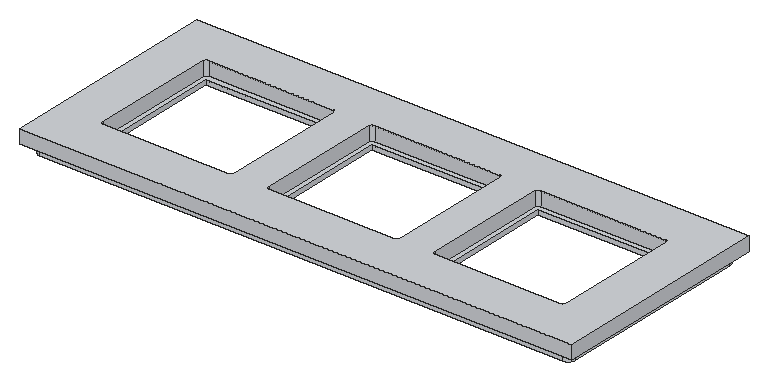
Revit family "Gira_021317", category Electrical Fixtures, host Face, Revit 2017
Family settings
  Host = Face
  Maintain Annotation Orientation = No
  Round Connector Dimension = Use Diameter
  Part Type = Normal
  Cut with Voids When Loaded = No
  Shared = No
  Room Calculation Point = No
Parameters (values of type "Abdeckrahmen 3f Gira Esprit Aluminium")
  Werkstoffgüte = "aluminium"
  Werkstoff = "Metall"
  URL = "http://katalog.gira.de/de_DE/datenblatt.html?artikelnr=021317"
  Transparent = "No"
  Textfeld/Beschriftungsfläche = "No"
  Schutzart (IP) = "IP20"
  Region = "DE"
  Oberfläche = "sonstige"
  Name = "Abdeckrahmen 3f Gira Esprit Aluminium"
  Montagerichtung = "horizontal und vertikal"
  Mit Montagerahmen = "No"
  Mit Klappdeckel = "No"
  Manufacturer URL = "https://www.gira.de/"
  Keynote = "Espr._Rahmen_3fach"
  HeinzeBIM = "https://bimportal.heinze.de/bim/abdeckrahmen-3f-gira-esprit-aluminium/c8b731d426c597ba8c661c395adfdb1d194dca49"
  Halogenfrei = "No"
  HAN = "021317"
  Geeignet für Unterputz-Installation = "Yes"
  Geeignet für Unterflurkanaldose = "No"
  Geeignet für Geräteeinbaukanal = "No"
  Geeignet für Einbauinstallation = "No"
  GTIN = "4010337213178"
  Farbe = "aluminium"
  Default Elevation = 1219.2 mm
  Data sheet (1) = "https://katalog.gira.de/de_DE/download.html?artikelnr=021317"
  Category = "Abdeckrahmen"
  Befestigungsart = "Klemmbefestigung"
  Available = "Yes"
  Anzahl der Einheiten vertikal = "3 "
  Anzahl der Einheiten horizontal = "3 "
  Anzahl der Einheiten = "3 "
Reference planes
  plane 1 "Center (Front/Back)": y = 0
  plane 2: z = 0
  plane 3 "Center (Left/Right)": x = 0
Forms (mm)
  Extrusion 1, solid, detail levels fine
    sketch origin (0, 0, 0) x (1, 0, 0) y (0, 1, 0)
      loop
        line (-118.4, 47.5) -> (-118.4, -47.5) -> (118.4, -47.5) -> (118.4, 47.5) -> (-118.4, 47.5)
      loop
        arc (-99.5, -26.7) -> (-99.061, -27.761) -> (-98, -28.2) r 1.5
        line (-98, -28.2) -> (-44.6, -28.2)
        arc (-44.6, -28.2) -> (-43.539, -27.761) -> (-43.1, -26.7) r 1.5
        line (-43.1, -26.7) -> (-43.1, 26.7)
        arc (-43.1, 26.7) -> (-43.539, 27.761) -> (-44.6, 28.2) r 1.5
        line (-44.6, 28.2) -> (-98, 28.2)
        arc (-98, 28.2) -> (-99.061, 27.761) -> (-99.5, 26.7) r 1.5
        line (-99.5, 26.7) -> (-99.5, -26.7)
      loop
        arc (-28.2, -26.7) -> (-27.761, -27.761) -> (-26.7, -28.2) r 1.5
        line (-26.7, -28.2) -> (26.7, -28.2)
        arc (26.7, -28.2) -> (27.761, -27.761) -> (28.2, -26.7) r 1.5
        line (28.2, -26.7) -> (28.2, 26.7)
        arc (28.2, 26.7) -> (27.761, 27.761) -> (26.7, 28.2) r 1.5
        line (26.7, 28.2) -> (-26.7, 28.2)
        arc (-26.7, 28.2) -> (-27.761, 27.761) -> (-28.2, 26.7) r 1.5
        line (-28.2, 26.7) -> (-28.2, -26.7)
      loop
        arc (43.1, -26.7) -> (43.539, -27.761) -> (44.6, -28.2) r 1.5
        line (44.6, -28.2) -> (98, -28.2)
        arc (98, -28.2) -> (99.061, -27.761) -> (99.5, -26.7) r 1.5
        line (99.5, -26.7) -> (99.5, 26.7)
        arc (99.5, 26.7) -> (99.061, 27.761) -> (98, 28.2) r 1.5
        line (98, 28.2) -> (44.6, 28.2)
        arc (44.6, 28.2) -> (43.539, 27.761) -> (43.1, 26.7) r 1.5
        line (43.1, 26.7) -> (43.1, -26.7)
    from 0 to 6
  Extrusion 2, solid, detail levels fine
    sketch origin (0, 0, 0) x (1, 0, 0) y (0, 1, 0)
      loop
        line (-97.2, -25.7) -> (-45.4, -25.7) -> (-45.4, 25.7) -> (-97.2, 25.7) -> (-97.2, -25.7)
      loop
        line (97.2, 25.7) -> (45.4, 25.7) -> (45.4, -25.7) -> (97.2, -25.7) -> (97.2, 25.7)
      loop
        arc (-114.002, -41.3) -> (-113.474, -42.573) -> (-112.202, -43.1) r 1.8
        line (-112.202, -43.1) -> (112.202, -43.1)
        arc (112.202, -43.1) -> (113.474, -42.573) -> (114.002, -41.3) r 1.8
        line (114.002, -41.3) -> (114.002, 41.3)
        arc (114.002, 41.3) -> (113.474, 42.573) -> (112.202, 43.1) r 1.8
        line (112.202, 43.1) -> (-112.202, 43.1)
        arc (-112.202, 43.1) -> (-113.474, 42.573) -> (-114.002, 41.3) r 1.8
        line (-114.002, 41.3) -> (-114.002, -41.3)
      loop
        line (25.9, 25.7) -> (-25.9, 25.7) -> (-25.9, -25.7) -> (25.9, -25.7) -> (25.9, 25.7)
    from -1.9 to 0
  Extrusion 3, solid, detail levels fine
    sketch origin (0, 0, 0) x (1, 0, 0) y (0, 1, 0)
      loop
        arc (-112.3, 44.4) -> (-114.421, 43.521) -> (-115.3, 41.4) r 3
        line (-115.3, 41.4) -> (-115.3, -41.4)
        arc (-115.3, -41.4) -> (-114.421, -43.521) -> (-112.3, -44.4) r 3
        line (-112.3, -44.4) -> (112.3, -44.4)
        arc (112.3, -44.4) -> (114.421, -43.521) -> (115.3, -41.4) r 3
        line (115.3, -41.4) -> (115.3, 41.4)
        arc (115.3, 41.4) -> (114.421, 43.521) -> (112.3, 44.4) r 3
        line (112.3, 44.4) -> (-112.3, 44.4)
      loop
        arc (-114.1, -41.4) -> (-113.573, -42.673) -> (-112.3, -43.2) r 1.8
        line (-112.3, -43.2) -> (112.3, -43.2)
        arc (112.3, -43.2) -> (113.573, -42.673) -> (114.1, -41.4) r 1.8
        line (114.1, -41.4) -> (114.1, 41.4)
        arc (114.1, 41.4) -> (113.573, 42.673) -> (112.3, 43.2) r 1.8
        line (112.3, 43.2) -> (-112.3, 43.2)
        arc (-112.3, 43.2) -> (-113.573, 42.673) -> (-114.1, 41.4) r 1.8
        line (-114.1, 41.4) -> (-114.1, -41.4)
    from -3.7 to 0
  Extrusion 4, solid, detail levels medium
    sketch origin (0, 0, 0) x (1, 0, 0) y (0, 1, 0)
      loop
        line (-118.4, 47.5) -> (-118.4, -47.5) -> (118.4, -47.5) -> (118.4, 47.5) -> (-118.4, 47.5)
    from 0 to 6
  Extrusion 5, solid, detail levels medium
    sketch origin (0, 0, 0) x (1, 0, 0) y (0, 1, 0)
      loop
        line (-115.3, 44.4) -> (-115.3, -44.4) -> (115.3, -44.4) -> (115.3, 44.4) -> (-115.3, 44.4)
    from -3.7 to 0
  Extrusion 6, solid, detail levels coarse
    sketch origin (0, 0, 0) x (1, 0, 0) y (0, 1, 0)
      loop
        line (-118.4, 47.5) -> (-118.4, -47.5) -> (118.4, -47.5) -> (118.4, 47.5) -> (-118.4, 47.5)
    from -3.7 to 6
Dimensions and locks
  aligned and locked: plane 2 to host face
  aligned and locked: level to host face
